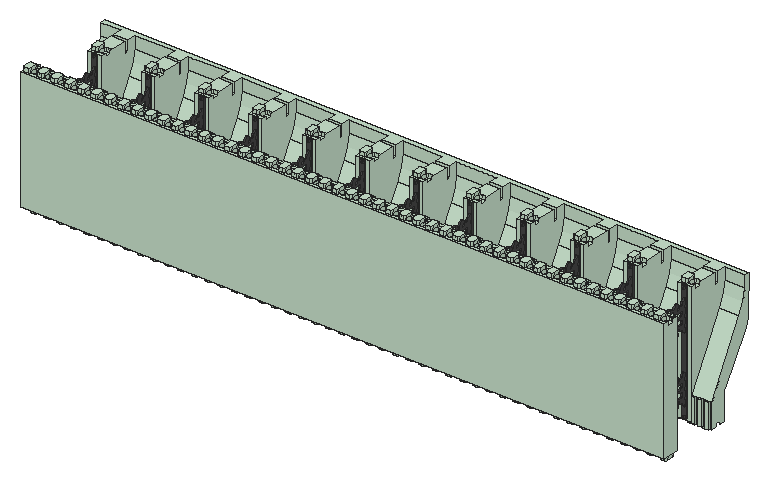
Revit family (continued)
Automatic sketch dimensions
  plane 8 to Extrusion 87 sketch curve = 0' - 0.72692"
  plane 4 to Extrusion 87 sketch curve = 3' - 9"
  Extrusion 87 sketch curve to Extrusion 87 sketch curve = 0' - 0.17308"  (x2)
  Extrusion 87 sketch curve to Extrusion 87 sketch curve = 0' - 0"  (x5)
  Extrusion 87 sketch curve to Extrusion 87 sketch curve = 0' - 0.07692"  (x3)
  Extrusion 87 sketch curve to Extrusion 87 sketch curve = 0' - 0 1/4"  (x3)
  Extrusion 87 sketch curve to Extrusion 87 sketch curve = 0' - 0.17323"
  Extrusion 87 sketch curve to Extrusion 87 sketch curve = 0' - 0.01019"
  Extrusion 87 sketch curve to Extrusion 87 sketch curve = 0' - 0.07677"
  Extrusion 87 sketch curve to Extrusion 87 sketch curve = 0' - 0.17083"
  Extrusion 87 sketch curve to Extrusion 87 sketch curve = 0' - 0.01665"
  Extrusion 87 sketch curve to Extrusion 87 sketch curve = 0' - 0.14808"
  Extrusion 87 sketch curve to Extrusion 87 sketch curve = 0' - 0.33686"
  Extrusion 87 sketch curve to Extrusion 87 sketch curve = 0' - 0.2216"
  plane 8 to Extrusion 88 sketch curve = 0' - 0.72692"
  plane 4 to Extrusion 88 sketch curve = 3' - 7"
  Extrusion 88 sketch curve to Extrusion 88 sketch curve = 0' - 0.17308"  (x2)
  Extrusion 88 sketch curve to Extrusion 88 sketch curve = 0' - 0"  (x5)
  Extrusion 88 sketch curve to Extrusion 88 sketch curve = 0' - 0 1/4"  (x4)
  Extrusion 88 sketch curve to Extrusion 88 sketch curve = 0' - 0.07692"  (x2)
  Extrusion 88 sketch curve to Extrusion 88 sketch curve = 0' - 0.17323"
  Extrusion 88 sketch curve to Extrusion 88 sketch curve = 0' - 0.01019"
  Extrusion 88 sketch curve to Extrusion 88 sketch curve = 0' - 0.07677"
  Extrusion 88 sketch curve to Extrusion 88 sketch curve = 0' - 0.17083"
  Extrusion 88 sketch curve to Extrusion 88 sketch curve = 0' - 0.01665"
  Extrusion 88 sketch curve to Extrusion 88 sketch curve = 0' - 0.14808"
  Extrusion 88 sketch curve to Extrusion 88 sketch curve = 0' - 0.33686"
  Extrusion 88 sketch curve to Extrusion 88 sketch curve = 0' - 0.2216"
  plane 8 to Extrusion 89 sketch curve = 0' - 0.72692"
  plane 4 to Extrusion 89 sketch curve = 3' - 5"
  Extrusion 89 sketch curve to Extrusion 89 sketch curve = 0' - 0.17308"  (x2)
  Extrusion 89 sketch curve to Extrusion 89 sketch curve = 0' - 0"  (x5)
  Extrusion 89 sketch curve to Extrusion 89 sketch curve = 0' - 0 1/4"  (x4)
  Extrusion 89 sketch curve to Extrusion 89 sketch curve = 0' - 0.07692"  (x2)
  Extrusion 89 sketch curve to Extrusion 89 sketch curve = 0' - 0.17323"
  Extrusion 89 sketch curve to Extrusion 89 sketch curve = 0' - 0.01019"
  Extrusion 89 sketch curve to Extrusion 89 sketch curve = 0' - 0.07677"
  Extrusion 89 sketch curve to Extrusion 89 sketch curve = 0' - 0.17083"
  Extrusion 89 sketch curve to Extrusion 89 sketch curve = 0' - 0.01665"
  Extrusion 89 sketch curve to Extrusion 89 sketch curve = 0' - 0.14808"
  Extrusion 89 sketch curve to Extrusion 89 sketch curve = 0' - 0.33686"
  Extrusion 89 sketch curve to Extrusion 89 sketch curve = 0' - 0.2216"
  plane 8 to Extrusion 90 sketch curve = 0' - 0.72692"
  plane 4 to Extrusion 90 sketch curve = 3' - 3"
  Extrusion 90 sketch curve to Extrusion 90 sketch curve = 0' - 0.17308"  (x2)
  Extrusion 90 sketch curve to Extrusion 90 sketch curve = 0' - 0"  (x5)
  Extrusion 90 sketch curve to Extrusion 90 sketch curve = 0' - 0 1/4"  (x4)
  Extrusion 90 sketch curve to Extrusion 90 sketch curve = 0' - 0.07692"  (x2)
  Extrusion 90 sketch curve to Extrusion 90 sketch curve = 0' - 0.17323"
  Extrusion 90 sketch curve to Extrusion 90 sketch curve = 0' - 0.01019"
  Extrusion 90 sketch curve to Extrusion 90 sketch curve = 0' - 0.07677"
  Extrusion 90 sketch curve to Extrusion 90 sketch curve = 0' - 0.17083"
  Extrusion 90 sketch curve to Extrusion 90 sketch curve = 0' - 0.01665"
  Extrusion 90 sketch curve to Extrusion 90 sketch curve = 0' - 0.14808"
  Extrusion 90 sketch curve to Extrusion 90 sketch curve = 0' - 0.33686"
  Extrusion 90 sketch curve to Extrusion 90 sketch curve = 0' - 0.2216"
  plane 8 to Extrusion 91 sketch curve = 0' - 0.72692"
  plane 4 to Extrusion 91 sketch curve = 3' - 1"
  Extrusion 91 sketch curve to Extrusion 91 sketch curve = 0' - 0.17308"  (x2)
  Extrusion 91 sketch curve to Extrusion 91 sketch curve = 0' - 0"  (x5)
  Extrusion 91 sketch curve to Extrusion 91 sketch curve = 0' - 0 1/4"  (x4)
  Extrusion 91 sketch curve to Extrusion 91 sketch curve = 0' - 0.07692"  (x2)
  Extrusion 91 sketch curve to Extrusion 91 sketch curve = 0' - 0.17323"
  Extrusion 91 sketch curve to Extrusion 91 sketch curve = 0' - 0.01019"
  Extrusion 91 sketch curve to Extrusion 91 sketch curve = 0' - 0.07677"
  Extrusion 91 sketch curve to Extrusion 91 sketch curve = 0' - 0.17083"
  Extrusion 91 sketch curve to Extrusion 91 sketch curve = 0' - 0.01665"
  Extrusion 91 sketch curve to Extrusion 91 sketch curve = 0' - 0.14808"
  Extrusion 91 sketch curve to Extrusion 91 sketch curve = 0' - 0.33686"
  Extrusion 91 sketch curve to Extrusion 91 sketch curve = 0' - 0.2216"
  plane 8 to Extrusion 92 sketch curve = 0' - 0.72692"
  plane 4 to Extrusion 92 sketch curve = 2' - 11"
  Extrusion 92 sketch curve to Extrusion 92 sketch curve = 0' - 0.17308"  (x2)
  Extrusion 92 sketch curve to Extrusion 92 sketch curve = 0' - 0"  (x5)
  Extrusion 92 sketch curve to Extrusion 92 sketch curve = 0' - 0 1/4"  (x4)
  Extrusion 92 sketch curve to Extrusion 92 sketch curve = 0' - 0.07692"  (x2)
  Extrusion 92 sketch curve to Extrusion 92 sketch curve = 0' - 0.17323"
  Extrusion 92 sketch curve to Extrusion 92 sketch curve = 0' - 0.01019"
  Extrusion 92 sketch curve to Extrusion 92 sketch curve = 0' - 0.07677"
  Extrusion 92 sketch curve to Extrusion 92 sketch curve = 0' - 0.17083"
  Extrusion 92 sketch curve to Extrusion 92 sketch curve = 0' - 0.01665"
  Extrusion 92 sketch curve to Extrusion 92 sketch curve = 0' - 0.14808"
  Extrusion 92 sketch curve to Extrusion 92 sketch curve = 0' - 0.33686"
  Extrusion 92 sketch curve to Extrusion 92 sketch curve = 0' - 0.2216"
  plane 8 to Extrusion 93 sketch curve = 0' - 0.72692"
  plane 4 to Extrusion 93 sketch curve = 2' - 9"
  Extrusion 93 sketch curve to Extrusion 93 sketch curve = 0' - 0.17308"  (x2)
  Extrusion 93 sketch curve to Extrusion 93 sketch curve = 0' - 0"  (x5)
  Extrusion 93 sketch curve to Extrusion 93 sketch curve = 0' - 0 1/4"  (x4)
  Extrusion 93 sketch curve to Extrusion 93 sketch curve = 0' - 0.07692"  (x2)
  Extrusion 93 sketch curve to Extrusion 93 sketch curve = 0' - 0.17323"
  Extrusion 93 sketch curve to Extrusion 93 sketch curve = 0' - 0.01019"
  Extrusion 93 sketch curve to Extrusion 93 sketch curve = 0' - 0.07677"
  Extrusion 93 sketch curve to Extrusion 93 sketch curve = 0' - 0.17083"
  Extrusion 93 sketch curve to Extrusion 93 sketch curve = 0' - 0.01665"
  Extrusion 93 sketch curve to Extrusion 93 sketch curve = 0' - 0.14808"
  Extrusion 93 sketch curve to Extrusion 93 sketch curve = 0' - 0.33686"
  Extrusion 93 sketch curve to Extrusion 93 sketch curve = 0' - 0.2216"
  plane 8 to Extrusion 94 sketch curve = 0' - 0.72692"
  plane 4 to Extrusion 94 sketch curve = 2' - 7"
  Extrusion 94 sketch curve to Extrusion 94 sketch curve = 0' - 0.17308"  (x2)
  Extrusion 94 sketch curve to Extrusion 94 sketch curve = 0' - 0"  (x5)
  Extrusion 94 sketch curve to Extrusion 94 sketch curve = 0' - 0 1/4"  (x4)
  Extrusion 94 sketch curve to Extrusion 94 sketch curve = 0' - 0.07692"  (x2)
  Extrusion 94 sketch curve to Extrusion 94 sketch curve = 0' - 0.17323"
  Extrusion 94 sketch curve to Extrusion 94 sketch curve = 0' - 0.01019"
  Extrusion 94 sketch curve to Extrusion 94 sketch curve = 0' - 0.07677"
  Extrusion 94 sketch curve to Extrusion 94 sketch curve = 0' - 0.17083"
  Extrusion 94 sketch curve to Extrusion 94 sketch curve = 0' - 0.01665"
  Extrusion 94 sketch curve to Extrusion 94 sketch curve = 0' - 0.14808"
  Extrusion 94 sketch curve to Extrusion 94 sketch curve = 0' - 0.33686"
  Extrusion 94 sketch curve to Extrusion 94 sketch curve = 0' - 0.2216"
  plane 8 to Extrusion 95 sketch curve = 0' - 0.72692"
  plane 4 to Extrusion 95 sketch curve = 2' - 5"
  Extrusion 95 sketch curve to Extrusion 95 sketch curve = 0' - 0.17308"  (x2)
  Extrusion 95 sketch curve to Extrusion 95 sketch curve = 0' - 0"  (x5)
  Extrusion 95 sketch curve to Extrusion 95 sketch curve = 0' - 0 1/4"  (x4)
  Extrusion 95 sketch curve to Extrusion 95 sketch curve = 0' - 0.07692"  (x2)
  Extrusion 95 sketch curve to Extrusion 95 sketch curve = 0' - 0.17323"
  Extrusion 95 sketch curve to Extrusion 95 sketch curve = 0' - 0.01019"
  Extrusion 95 sketch curve to Extrusion 95 sketch curve = 0' - 0.07677"
  Extrusion 95 sketch curve to Extrusion 95 sketch curve = 0' - 0.17083"
  Extrusion 95 sketch curve to Extrusion 95 sketch curve = 0' - 0.01665"
  Extrusion 95 sketch curve to Extrusion 95 sketch curve = 0' - 0.14808"
  Extrusion 95 sketch curve to Extrusion 95 sketch curve = 0' - 0.33686"
  Extrusion 95 sketch curve to Extrusion 95 sketch curve = 0' - 0.2216"
  plane 8 to Extrusion 96 sketch curve = 0' - 0.72692"
  plane 4 to Extrusion 96 sketch curve = 2' - 3"
  Extrusion 96 sketch curve to Extrusion 96 sketch curve = 0' - 0.17308"  (x2)
  Extrusion 96 sketch curve to Extrusion 96 sketch curve = 0' - 0"  (x5)
  Extrusion 96 sketch curve to Extrusion 96 sketch curve = 0' - 0 1/4"  (x4)
  Extrusion 96 sketch curve to Extrusion 96 sketch curve = 0' - 0.07692"  (x2)
  Extrusion 96 sketch curve to Extrusion 96 sketch curve = 0' - 0.17323"
  Extrusion 96 sketch curve to Extrusion 96 sketch curve = 0' - 0.01019"
  Extrusion 96 sketch curve to Extrusion 96 sketch curve = 0' - 0.07677"
  Extrusion 96 sketch curve to Extrusion 96 sketch curve = 0' - 0.17083"
  Extrusion 96 sketch curve to Extrusion 96 sketch curve = 0' - 0.01665"
  Extrusion 96 sketch curve to Extrusion 96 sketch curve = 0' - 0.14808"
  Extrusion 96 sketch curve to Extrusion 96 sketch curve = 0' - 0.33686"
  Extrusion 96 sketch curve to Extrusion 96 sketch curve = 0' - 0.2216"
  plane 8 to Extrusion 97 sketch curve = 0' - 0.72692"
  plane 4 to Extrusion 97 sketch curve = 2' - 1"
  Extrusion 97 sketch curve to Extrusion 97 sketch curve = 0' - 0.17308"  (x2)
  Extrusion 97 sketch curve to Extrusion 97 sketch curve = 0' - 0"  (x5)
  Extrusion 97 sketch curve to Extrusion 97 sketch curve = 0' - 0 1/4"  (x4)
  Extrusion 97 sketch curve to Extrusion 97 sketch curve = 0' - 0.07692"  (x2)
  Extrusion 97 sketch curve to Extrusion 97 sketch curve = 0' - 0.17323"
  Extrusion 97 sketch curve to Extrusion 97 sketch curve = 0' - 0.01019"
  Extrusion 97 sketch curve to Extrusion 97 sketch curve = 0' - 0.07677"
  Extrusion 97 sketch curve to Extrusion 97 sketch curve = 0' - 0.17083"
  Extrusion 97 sketch curve to Extrusion 97 sketch curve = 0' - 0.01665"
  Extrusion 97 sketch curve to Extrusion 97 sketch curve = 0' - 0.14808"
  Extrusion 97 sketch curve to Extrusion 97 sketch curve = 0' - 0.33686"
  Extrusion 97 sketch curve to Extrusion 97 sketch curve = 0' - 0.2216"
  plane 8 to Extrusion 98 sketch curve = 0' - 0.72692"
  plane 4 to Extrusion 98 sketch curve = 1' - 11"
  Extrusion 98 sketch curve to Extrusion 98 sketch curve = 0' - 0.17308"  (x2)
  Extrusion 98 sketch curve to Extrusion 98 sketch curve = 0' - 0"  (x5)
  Extrusion 98 sketch curve to Extrusion 98 sketch curve = 0' - 0 1/4"  (x4)
  Extrusion 98 sketch curve to Extrusion 98 sketch curve = 0' - 0.07692"  (x2)
  Extrusion 98 sketch curve to Extrusion 98 sketch curve = 0' - 0.17323"
  Extrusion 98 sketch curve to Extrusion 98 sketch curve = 0' - 0.01019"
  Extrusion 98 sketch curve to Extrusion 98 sketch curve = 0' - 0.07677"
  Extrusion 98 sketch curve to Extrusion 98 sketch curve = 0' - 0.17083"
  Extrusion 98 sketch curve to Extrusion 98 sketch curve = 0' - 0.01665"
  Extrusion 98 sketch curve to Extrusion 98 sketch curve = 0' - 0.14808"
  Extrusion 98 sketch curve to Extrusion 98 sketch curve = 0' - 0.33686"
  Extrusion 98 sketch curve to Extrusion 98 sketch curve = 0' - 0.2216"
  plane 8 to Extrusion 99 sketch curve = 0' - 0.72692"
  plane 4 to Extrusion 99 sketch curve = 1' - 9"
  Extrusion 99 sketch curve to Extrusion 99 sketch curve = 0' - 0.17308"  (x2)
  Extrusion 99 sketch curve to Extrusion 99 sketch curve = 0' - 0"  (x5)
  Extrusion 99 sketch curve to Extrusion 99 sketch curve = 0' - 0 1/4"  (x4)
  Extrusion 99 sketch curve to Extrusion 99 sketch curve = 0' - 0.07692"  (x2)
  Extrusion 99 sketch curve to Extrusion 99 sketch curve = 0' - 0.17323"
  Extrusion 99 sketch curve to Extrusion 99 sketch curve = 0' - 0.01019"
  Extrusion 99 sketch curve to Extrusion 99 sketch curve = 0' - 0.07677"
  Extrusion 99 sketch curve to Extrusion 99 sketch curve = 0' - 0.17083"
  Extrusion 99 sketch curve to Extrusion 99 sketch curve = 0' - 0.01665"
  Extrusion 99 sketch curve to Extrusion 99 sketch curve = 0' - 0.14808"
  Extrusion 99 sketch curve to Extrusion 99 sketch curve = 0' - 0.33686"
  Extrusion 99 sketch curve to Extrusion 99 sketch curve = 0' - 0.2216"
  plane 8 to Extrusion 100 sketch curve = 0' - 0.72692"
  plane 4 to Extrusion 100 sketch curve = 1' - 7"
  Extrusion 100 sketch curve to Extrusion 100 sketch curve = 0' - 0.17308"  (x2)
  Extrusion 100 sketch curve to Extrusion 100 sketch curve = 0' - 0"  (x5)
  Extrusion 100 sketch curve to Extrusion 100 sketch curve = 0' - 0 1/4"  (x4)
  Extrusion 100 sketch curve to Extrusion 100 sketch curve = 0' - 0.07692"  (x2)
  Extrusion 100 sketch curve to Extrusion 100 sketch curve = 0' - 0.17323"
  Extrusion 100 sketch curve to Extrusion 100 sketch curve = 0' - 0.01019"
  Extrusion 100 sketch curve to Extrusion 100 sketch curve = 0' - 0.07677"
  Extrusion 100 sketch curve to Extrusion 100 sketch curve = 0' - 0.17083"
  Extrusion 100 sketch curve to Extrusion 100 sketch curve = 0' - 0.01665"
  Extrusion 100 sketch curve to Extrusion 100 sketch curve = 0' - 0.14808"
  Extrusion 100 sketch curve to Extrusion 100 sketch curve = 0' - 0.33686"
  Extrusion 100 sketch curve to Extrusion 100 sketch curve = 0' - 0.2216"
  plane 8 to Extrusion 101 sketch curve = 0' - 0.72692"
  plane 4 to Extrusion 101 sketch curve = 1' - 5"
  Extrusion 101 sketch curve to Extrusion 101 sketch curve = 0' - 0.17308"  (x2)
  Extrusion 101 sketch curve to Extrusion 101 sketch curve = 0' - 0"  (x5)
  Extrusion 101 sketch curve to Extrusion 101 sketch curve = 0' - 0 1/4"  (x4)
  Extrusion 101 sketch curve to Extrusion 101 sketch curve = 0' - 0.07692"  (x2)
  Extrusion 101 sketch curve to Extrusion 101 sketch curve = 0' - 0.17323"
  Extrusion 101 sketch curve to Extrusion 101 sketch curve = 0' - 0.01019"
  Extrusion 101 sketch curve to Extrusion 101 sketch curve = 0' - 0.07677"
  Extrusion 101 sketch curve to Extrusion 101 sketch curve = 0' - 0.17083"
  Extrusion 101 sketch curve to Extrusion 101 sketch curve = 0' - 0.01665"
  Extrusion 101 sketch curve to Extrusion 101 sketch curve = 0' - 0.14808"
  Extrusion 101 sketch curve to Extrusion 101 sketch curve = 0' - 0.33686"
  Extrusion 101 sketch curve to Extrusion 101 sketch curve = 0' - 0.2216"
  plane 8 to Extrusion 102 sketch curve = 0' - 0.72692"
  plane 4 to Extrusion 102 sketch curve = 1' - 3"
  Extrusion 102 sketch curve to Extrusion 102 sketch curve = 0' - 0.17308"  (x2)
  Extrusion 102 sketch curve to Extrusion 102 sketch curve = 0' - 0"  (x5)
  Extrusion 102 sketch curve to Extrusion 102 sketch curve = 0' - 0.07692"  (x3)
  Extrusion 102 sketch curve to Extrusion 102 sketch curve = 0' - 0 1/4"  (x3)
  Extrusion 102 sketch curve to Extrusion 102 sketch curve = 0' - 0.17323"
  Extrusion 102 sketch curve to Extrusion 102 sketch curve = 0' - 0.01019"
  Extrusion 102 sketch curve to Extrusion 102 sketch curve = 0' - 0.07677"
  Extrusion 102 sketch curve to Extrusion 102 sketch curve = 0' - 0.17083"
  Extrusion 102 sketch curve to Extrusion 102 sketch curve = 0' - 0.01665"
  Extrusion 102 sketch curve to Extrusion 102 sketch curve = 0' - 0.14808"
  Extrusion 102 sketch curve to Extrusion 102 sketch curve = 0' - 0.33686"
  Extrusion 102 sketch curve to Extrusion 102 sketch curve = 0' - 0.2216"
  plane 8 to Extrusion 103 sketch curve = 0' - 0.72692"
  plane 4 to Extrusion 103 sketch curve = 1' - 1"
  Extrusion 103 sketch curve to Extrusion 103 sketch curve = 0' - 0.17308"  (x2)
  Extrusion 103 sketch curve to Extrusion 103 sketch curve = 0' - 0"  (x5)
  Extrusion 103 sketch curve to Extrusion 103 sketch curve = 0' - 0 1/4"  (x4)
  Extrusion 103 sketch curve to Extrusion 103 sketch curve = 0' - 0.07692"  (x2)
  Extrusion 103 sketch curve to Extrusion 103 sketch curve = 0' - 0.17323"
  Extrusion 103 sketch curve to Extrusion 103 sketch curve = 0' - 0.01019"
  Extrusion 103 sketch curve to Extrusion 103 sketch curve = 0' - 0.07677"
  Extrusion 103 sketch curve to Extrusion 103 sketch curve = 0' - 0.17083"
  Extrusion 103 sketch curve to Extrusion 103 sketch curve = 0' - 0.01665"
  Extrusion 103 sketch curve to Extrusion 103 sketch curve = 0' - 0.14808"
  Extrusion 103 sketch curve to Extrusion 103 sketch curve = 0' - 0.33686"
  Extrusion 103 sketch curve to Extrusion 103 sketch curve = 0' - 0.2216"
  plane 8 to Extrusion 104 sketch curve = 0' - 0.72692"
  plane 4 to Extrusion 104 sketch curve = 0' - 11"
  Extrusion 104 sketch curve to Extrusion 104 sketch curve = 0' - 0.17308"  (x2)
  Extrusion 104 sketch curve to Extrusion 104 sketch curve = 0' - 0"  (x5)
  Extrusion 104 sketch curve to Extrusion 104 sketch curve = 0' - 0 1/4"  (x4)
  Extrusion 104 sketch curve to Extrusion 104 sketch curve = 0' - 0.07692"  (x2)
  Extrusion 104 sketch curve to Extrusion 104 sketch curve = 0' - 0.17323"
  Extrusion 104 sketch curve to Extrusion 104 sketch curve = 0' - 0.01019"
  Extrusion 104 sketch curve to Extrusion 104 sketch curve = 0' - 0.07677"
  Extrusion 104 sketch curve to Extrusion 104 sketch curve = 0' - 0.17083"
  Extrusion 104 sketch curve to Extrusion 104 sketch curve = 0' - 0.01665"
  Extrusion 104 sketch curve to Extrusion 104 sketch curve = 0' - 0.14808"
  Extrusion 104 sketch curve to Extrusion 104 sketch curve = 0' - 0.33686"
  Extrusion 104 sketch curve to Extrusion 104 sketch curve = 0' - 0.2216"
  plane 8 to Extrusion 105 sketch curve = 0' - 0.72692"
  plane 4 to Extrusion 105 sketch curve = 0' - 9"
  Extrusion 105 sketch curve to Extrusion 105 sketch curve = 0' - 0.17308"  (x2)
  Extrusion 105 sketch curve to Extrusion 105 sketch curve = 0' - 0"  (x5)
  Extrusion 105 sketch curve to Extrusion 105 sketch curve = 0' - 0 1/4"  (x4)
  Extrusion 105 sketch curve to Extrusion 105 sketch curve = 0' - 0.07692"  (x2)
  Extrusion 105 sketch curve to Extrusion 105 sketch curve = 0' - 0.17323"
  Extrusion 105 sketch curve to Extrusion 105 sketch curve = 0' - 0.01019"
  Extrusion 105 sketch curve to Extrusion 105 sketch curve = 0' - 0.07677"
  Extrusion 105 sketch curve to Extrusion 105 sketch curve = 0' - 0.17083"
  Extrusion 105 sketch curve to Extrusion 105 sketch curve = 0' - 0.01665"
  Extrusion 105 sketch curve to Extrusion 105 sketch curve = 0' - 0.14808"
  Extrusion 105 sketch curve to Extrusion 105 sketch curve = 0' - 0.33686"
  Extrusion 105 sketch curve to Extrusion 105 sketch curve = 0' - 0.2216"
  plane 8 to Extrusion 106 sketch curve = 0' - 0.72692"
  plane 4 to Extrusion 106 sketch curve = 0' - 7"
  Extrusion 106 sketch curve to Extrusion 106 sketch curve = 0' - 0.17308"  (x2)
  Extrusion 106 sketch curve to Extrusion 106 sketch curve = 0' - 0"  (x5)
  Extrusion 106 sketch curve to Extrusion 106 sketch curve = 0' - 0 1/4"  (x4)
  Extrusion 106 sketch curve to Extrusion 106 sketch curve = 0' - 0.07692"  (x2)
  Extrusion 106 sketch curve to Extrusion 106 sketch curve = 0' - 0.17323"
  Extrusion 106 sketch curve to Extrusion 106 sketch curve = 0' - 0.01019"
  Extrusion 106 sketch curve to Extrusion 106 sketch curve = 0' - 0.07677"
  Extrusion 106 sketch curve to Extrusion 106 sketch curve = 0' - 0.17083"
  Extrusion 106 sketch curve to Extrusion 106 sketch curve = 0' - 0.01665"
  Extrusion 106 sketch curve to Extrusion 106 sketch curve = 0' - 0.14808"
  Extrusion 106 sketch curve to Extrusion 106 sketch curve = 0' - 0.33686"
  Extrusion 106 sketch curve to Extrusion 106 sketch curve = 0' - 0.2216"
  plane 8 to Extrusion 107 sketch curve = 0' - 0.72692"
  plane 4 to Extrusion 107 sketch curve = 0' - 5"
  Extrusion 107 sketch curve to Extrusion 107 sketch curve = 0' - 0.17308"  (x2)
  Extrusion 107 sketch curve to Extrusion 107 sketch curve = 0' - 0"  (x5)
  Extrusion 107 sketch curve to Extrusion 107 sketch curve = 0' - 0 1/4"  (x4)
  Extrusion 107 sketch curve to Extrusion 107 sketch curve = 0' - 0.07692"  (x2)
  Extrusion 107 sketch curve to Extrusion 107 sketch curve = 0' - 0.17323"
  Extrusion 107 sketch curve to Extrusion 107 sketch curve = 0' - 0.01019"
  Extrusion 107 sketch curve to Extrusion 107 sketch curve = 0' - 0.07677"
  Extrusion 107 sketch curve to Extrusion 107 sketch curve = 0' - 0.17083"
  Extrusion 107 sketch curve to Extrusion 107 sketch curve = 0' - 0.01665"
  Extrusion 107 sketch curve to Extrusion 107 sketch curve = 0' - 0.14808"
  Extrusion 107 sketch curve to Extrusion 107 sketch curve = 0' - 0.33686"
  Extrusion 107 sketch curve to Extrusion 107 sketch curve = 0' - 0.2216"
  plane 8 to Extrusion 108 sketch curve = 0' - 0.72692"
  plane 4 to Extrusion 108 sketch curve = 0' - 3"
  Extrusion 108 sketch curve to Extrusion 108 sketch curve = 0' - 0.17308"  (x2)
  Extrusion 108 sketch curve to Extrusion 108 sketch curve = 0' - 0"  (x5)
  Extrusion 108 sketch curve to Extrusion 108 sketch curve = 0' - 0 1/4"  (x4)
  Extrusion 108 sketch curve to Extrusion 108 sketch curve = 0' - 0.07692"  (x2)
  Extrusion 108 sketch curve to Extrusion 108 sketch curve = 0' - 0.17323"
  Extrusion 108 sketch curve to Extrusion 108 sketch curve = 0' - 0.01019"
  Extrusion 108 sketch curve to Extrusion 108 sketch curve = 0' - 0.07677"
  Extrusion 108 sketch curve to Extrusion 108 sketch curve = 0' - 0.17083"
  Extrusion 108 sketch curve to Extrusion 108 sketch curve = 0' - 0.01665"
  Extrusion 108 sketch curve to Extrusion 108 sketch curve = 0' - 0.14808"
  Extrusion 108 sketch curve to Extrusion 108 sketch curve = 0' - 0.33686"
  Extrusion 108 sketch curve to Extrusion 108 sketch curve = 0' - 0.2216"
  plane 4 to Extrusion 109 sketch curve = 0' - 1"
  Extrusion 109 sketch curve to Extrusion 109 sketch curve = 0' - 0.17308"  (x2)
  Extrusion 109 sketch curve to Extrusion 109 sketch curve = 0' - 0"  (x5)
  Extrusion 109 sketch curve to Extrusion 109 sketch curve = 0' - 0 1/4"  (x4)
  Extrusion 109 sketch curve to Extrusion 109 sketch curve = 0' - 0.07692"  (x2)
  Extrusion 109 sketch curve to Extrusion 109 sketch curve = 0' - 0.17323"
  Extrusion 109 sketch curve to Extrusion 109 sketch curve = 0' - 0.01019"
  Extrusion 109 sketch curve to Extrusion 109 sketch curve = 0' - 0.07677"
  Extrusion 109 sketch curve to Extrusion 109 sketch curve = 0' - 0.17083"
  Extrusion 109 sketch curve to Extrusion 109 sketch curve = 0' - 0.01665"
  plane 8 to Extrusion 109 sketch curve = 0' - 0.48905"
  Extrusion 109 sketch curve to Extrusion 109 sketch curve = 0' - 0.14808"
  Extrusion 109 sketch curve to Extrusion 109 sketch curve = 0' - 0.33686"
  Extrusion 109 sketch curve to Extrusion 109 sketch curve = 0' - 0.2216"
  Extrusion 110 sketch curve to plane 4 = 0' - 0"
  plane 4 to Extrusion 110 sketch curve = 0' - 0.02075"
  Extrusion 110 sketch curve to Extrusion 110 sketch curve = 0' - 0.04585"
  Extrusion 110 sketch curve to Extrusion 110 sketch curve = 0' - 0"  (x4)
  Extrusion 110 sketch curve to Extrusion 110 sketch curve = 0' - 0.01665"
  plane 4 to Extrusion 110 sketch curve = 0' - 0.17308"
  Extrusion 110 sketch curve to Extrusion 110 sketch curve = 0' - 0 1/4"  (x5)
  Extrusion 110 sketch curve to Extrusion 110 sketch curve = 0' - 0.17083"
  Extrusion 110 sketch curve to Extrusion 110 sketch curve = 0' - 0 1/16"
  Extrusion 110 sketch curve to Extrusion 110 sketch curve = 0' - 0.01019"
  Extrusion 110 sketch curve to Extrusion 110 sketch curve = 0' - 0.07692"  (x2)
  Extrusion 110 sketch curve to plane 7 = 0' - 0.48905"
  Extrusion 110 sketch curve to Extrusion 110 sketch curve = 0' - 0.14808"
  Extrusion 110 sketch curve to Extrusion 110 sketch curve = 0' - 0.33686"
  Extrusion 110 sketch curve to Extrusion 110 sketch curve = 0' - 0.2216"
  Extrusion 111 sketch curve to plane 7 = 0' - 0.72692"
  plane 4 to Extrusion 111 sketch curve = 0' - 3"
  Extrusion 111 sketch curve to Extrusion 111 sketch curve = 0' - 0.17308"  (x2)
  Extrusion 111 sketch curve to Extrusion 111 sketch curve = 0' - 0"  (x5)
  Extrusion 111 sketch curve to Extrusion 111 sketch curve = 0' - 0 1/4"  (x4)
  Extrusion 111 sketch curve to Extrusion 111 sketch curve = 0' - 0.07692"  (x2)
  Extrusion 111 sketch curve to Extrusion 111 sketch curve = 0' - 0.17323"
  Extrusion 111 sketch curve to Extrusion 111 sketch curve = 0' - 0.01019"
  Extrusion 111 sketch curve to Extrusion 111 sketch curve = 0' - 0.07677"
  Extrusion 111 sketch curve to Extrusion 111 sketch curve = 0' - 0.17083"
  Extrusion 111 sketch curve to Extrusion 111 sketch curve = 0' - 0.01665"
  Extrusion 111 sketch curve to Extrusion 111 sketch curve = 0' - 0.14808"
  Extrusion 111 sketch curve to Extrusion 111 sketch curve = 0' - 0.33686"
  Extrusion 111 sketch curve to Extrusion 111 sketch curve = 0' - 0.2216"
  Extrusion 112 sketch curve to plane 7 = 0' - 0.72692"
  plane 4 to Extrusion 112 sketch curve = 0' - 5"
  Extrusion 112 sketch curve to Extrusion 112 sketch curve = 0' - 0.17308"  (x2)
  Extrusion 112 sketch curve to Extrusion 112 sketch curve = 0' - 0"  (x5)
  Extrusion 112 sketch curve to Extrusion 112 sketch curve = 0' - 0 1/4"  (x5)
  Extrusion 112 sketch curve to Extrusion 112 sketch curve = 0' - 0.17323"
  Extrusion 112 sketch curve to Extrusion 112 sketch curve = 0' - 0.01019"
  Extrusion 112 sketch curve to Extrusion 112 sketch curve = 0' - 0.07677"
  Extrusion 112 sketch curve to Extrusion 112 sketch curve = 0' - 0.07692"
  Extrusion 112 sketch curve to Extrusion 112 sketch curve = 0' - 0.17083"
  Extrusion 112 sketch curve to Extrusion 112 sketch curve = 0' - 0.01665"
  Extrusion 112 sketch curve to Extrusion 112 sketch curve = 0' - 0.14808"
  Extrusion 112 sketch curve to Extrusion 112 sketch curve = 0' - 0.33686"
  Extrusion 112 sketch curve to Extrusion 112 sketch curve = 0' - 0.2216"
  Extrusion 113 sketch curve to plane 7 = 0' - 0.72692"
  plane 4 to Extrusion 113 sketch curve = 0' - 7"
  Extrusion 113 sketch curve to Extrusion 113 sketch curve = 0' - 0.17308"  (x2)
  Extrusion 113 sketch curve to Extrusion 113 sketch curve = 0' - 0"  (x5)
  Extrusion 113 sketch curve to Extrusion 113 sketch curve = 0' - 0 1/4"  (x5)
  Extrusion 113 sketch curve to Extrusion 113 sketch curve = 0' - 0.17323"
  Extrusion 113 sketch curve to Extrusion 113 sketch curve = 0' - 0.01019"
  Extrusion 113 sketch curve to Extrusion 113 sketch curve = 0' - 0.07677"
  Extrusion 113 sketch curve to Extrusion 113 sketch curve = 0' - 0.07692"
  Extrusion 113 sketch curve to Extrusion 113 sketch curve = 0' - 0.17083"
  Extrusion 113 sketch curve to Extrusion 113 sketch curve = 0' - 0.01665"
  Extrusion 113 sketch curve to Extrusion 113 sketch curve = 0' - 0.14808"
  Extrusion 113 sketch curve to Extrusion 113 sketch curve = 0' - 0.33686"
  Extrusion 113 sketch curve to Extrusion 113 sketch curve = 0' - 0.2216"
  Extrusion 114 sketch curve to plane 7 = 0' - 0.72692"
  plane 4 to Extrusion 114 sketch curve = 0' - 9"
  Extrusion 114 sketch curve to Extrusion 114 sketch curve = 0' - 0.17308"  (x2)
  Extrusion 114 sketch curve to Extrusion 114 sketch curve = 0' - 0"  (x5)
  Extrusion 114 sketch curve to Extrusion 114 sketch curve = 0' - 0 1/4"  (x5)
  Extrusion 114 sketch curve to Extrusion 114 sketch curve = 0' - 0.17323"
  Extrusion 114 sketch curve to Extrusion 114 sketch curve = 0' - 0.01019"
  Extrusion 114 sketch curve to Extrusion 114 sketch curve = 0' - 0.07677"
  Extrusion 114 sketch curve to Extrusion 114 sketch curve = 0' - 0.07692"
  Extrusion 114 sketch curve to Extrusion 114 sketch curve = 0' - 0.17083"
  Extrusion 114 sketch curve to Extrusion 114 sketch curve = 0' - 0.01665"
  Extrusion 114 sketch curve to Extrusion 114 sketch curve = 0' - 0.14808"
  Extrusion 114 sketch curve to Extrusion 114 sketch curve = 0' - 0.33686"
  Extrusion 114 sketch curve to Extrusion 114 sketch curve = 0' - 0.2216"
  Extrusion 115 sketch curve to plane 7 = 0' - 0.72692"
  plane 4 to Extrusion 115 sketch curve = 0' - 11"
  Extrusion 115 sketch curve to Extrusion 115 sketch curve = 0' - 0.17308"  (x2)
  Extrusion 115 sketch curve to Extrusion 115 sketch curve = 0' - 0"  (x5)
  Extrusion 115 sketch curve to Extrusion 115 sketch curve = 0' - 0 1/4"  (x4)
  Extrusion 115 sketch curve to Extrusion 115 sketch curve = 0' - 0.07692"  (x2)
  Extrusion 115 sketch curve to Extrusion 115 sketch curve = 0' - 0.17323"
  Extrusion 115 sketch curve to Extrusion 115 sketch curve = 0' - 0.01019"
  Extrusion 115 sketch curve to Extrusion 115 sketch curve = 0' - 0.07677"
  Extrusion 115 sketch curve to Extrusion 115 sketch curve = 0' - 0.17083"
  Extrusion 115 sketch curve to Extrusion 115 sketch curve = 0' - 0.01665"
  Extrusion 115 sketch curve to Extrusion 115 sketch curve = 0' - 0.14808"
  Extrusion 115 sketch curve to Extrusion 115 sketch curve = 0' - 0.33686"
  Extrusion 115 sketch curve to Extrusion 115 sketch curve = 0' - 0.2216"
  Extrusion 116 sketch curve to plane 7 = 0' - 0.72692"
  plane 4 to Extrusion 116 sketch curve = 1' - 1"
  Extrusion 116 sketch curve to Extrusion 116 sketch curve = 0' - 0.17308"  (x2)
  Extrusion 116 sketch curve to Extrusion 116 sketch curve = 0' - 0"  (x5)
  Extrusion 116 sketch curve to Extrusion 116 sketch curve = 0' - 0 1/4"  (x5)
  Extrusion 116 sketch curve to Extrusion 116 sketch curve = 0' - 0.17323"
  Extrusion 116 sketch curve to Extrusion 116 sketch curve = 0' - 0.01019"
  Extrusion 116 sketch curve to Extrusion 116 sketch curve = 0' - 0.07677"
  Extrusion 116 sketch curve to Extrusion 116 sketch curve = 0' - 0.07692"
  Extrusion 116 sketch curve to Extrusion 116 sketch curve = 0' - 0.17083"
  Extrusion 116 sketch curve to Extrusion 116 sketch curve = 0' - 0.01665"
  Extrusion 116 sketch curve to Extrusion 116 sketch curve = 0' - 0.14808"
  Extrusion 116 sketch curve to Extrusion 116 sketch curve = 0' - 0.33686"
  Extrusion 116 sketch curve to Extrusion 116 sketch curve = 0' - 0.2216"
  Extrusion 117 sketch curve to plane 7 = 0' - 0.72692"
  plane 4 to Extrusion 117 sketch curve = 1' - 3"
  Extrusion 117 sketch curve to Extrusion 117 sketch curve = 0' - 0.17308"  (x2)
  Extrusion 117 sketch curve to Extrusion 117 sketch curve = 0' - 0"  (x5)
  Extrusion 117 sketch curve to Extrusion 117 sketch curve = 0' - 0 1/4"  (x4)
  Extrusion 117 sketch curve to Extrusion 117 sketch curve = 0' - 0.07692"  (x2)
  Extrusion 117 sketch curve to Extrusion 117 sketch curve = 0' - 0.17323"
  Extrusion 117 sketch curve to Extrusion 117 sketch curve = 0' - 0.01019"
  Extrusion 117 sketch curve to Extrusion 117 sketch curve = 0' - 0.07677"
  Extrusion 117 sketch curve to Extrusion 117 sketch curve = 0' - 0.17083"
  Extrusion 117 sketch curve to Extrusion 117 sketch curve = 0' - 0.01665"
  Extrusion 117 sketch curve to Extrusion 117 sketch curve = 0' - 0.14808"
  Extrusion 117 sketch curve to Extrusion 117 sketch curve = 0' - 0.33686"
  Extrusion 117 sketch curve to Extrusion 117 sketch curve = 0' - 0.2216"
  Extrusion 118 sketch curve to plane 7 = 0' - 0.72692"
  plane 4 to Extrusion 118 sketch curve = 1' - 5"
  Extrusion 118 sketch curve to Extrusion 118 sketch curve = 0' - 0.17308"  (x2)
  Extrusion 118 sketch curve to Extrusion 118 sketch curve = 0' - 0"  (x5)
  Extrusion 118 sketch curve to Extrusion 118 sketch curve = 0' - 0 1/4"  (x5)
  Extrusion 118 sketch curve to Extrusion 118 sketch curve = 0' - 0.17323"
  Extrusion 118 sketch curve to Extrusion 118 sketch curve = 0' - 0.01019"
  Extrusion 118 sketch curve to Extrusion 118 sketch curve = 0' - 0.07677"
  Extrusion 118 sketch curve to Extrusion 118 sketch curve = 0' - 0.07692"
  Extrusion 118 sketch curve to Extrusion 118 sketch curve = 0' - 0.17083"
  Extrusion 118 sketch curve to Extrusion 118 sketch curve = 0' - 0.01665"
  Extrusion 118 sketch curve to Extrusion 118 sketch curve = 0' - 0.14808"
  Extrusion 118 sketch curve to Extrusion 118 sketch curve = 0' - 0.33686"
  Extrusion 118 sketch curve to Extrusion 118 sketch curve = 0' - 0.2216"
  Extrusion 119 sketch curve to plane 7 = 0' - 0.72692"
  plane 4 to Extrusion 119 sketch curve = 1' - 7"
  Extrusion 119 sketch curve to Extrusion 119 sketch curve = 0' - 0.17308"  (x2)
  Extrusion 119 sketch curve to Extrusion 119 sketch curve = 0' - 0"  (x5)
  Extrusion 119 sketch curve to Extrusion 119 sketch curve = 0' - 0 1/4"  (x5)
  Extrusion 119 sketch curve to Extrusion 119 sketch curve = 0' - 0.17323"
  Extrusion 119 sketch curve to Extrusion 119 sketch curve = 0' - 0.01019"
  Extrusion 119 sketch curve to Extrusion 119 sketch curve = 0' - 0.07677"
  Extrusion 119 sketch curve to Extrusion 119 sketch curve = 0' - 0.07692"
  Extrusion 119 sketch curve to Extrusion 119 sketch curve = 0' - 0.17083"
  Extrusion 119 sketch curve to Extrusion 119 sketch curve = 0' - 0.01665"
  Extrusion 119 sketch curve to Extrusion 119 sketch curve = 0' - 0.14808"
  Extrusion 119 sketch curve to Extrusion 119 sketch curve = 0' - 0.33686"
  Extrusion 119 sketch curve to Extrusion 119 sketch curve = 0' - 0.2216"
  Extrusion 120 sketch curve to plane 7 = 0' - 0.72692"
  plane 4 to Extrusion 120 sketch curve = 1' - 9"
  Extrusion 120 sketch curve to Extrusion 120 sketch curve = 0' - 0.17308"  (x2)
  Extrusion 120 sketch curve to Extrusion 120 sketch curve = 0' - 0"  (x5)
  Extrusion 120 sketch curve to Extrusion 120 sketch curve = 0' - 0 1/4"  (x5)
  Extrusion 120 sketch curve to Extrusion 120 sketch curve = 0' - 0.17323"
  Extrusion 120 sketch curve to Extrusion 120 sketch curve = 0' - 0.01019"
  Extrusion 120 sketch curve to Extrusion 120 sketch curve = 0' - 0.07677"
  Extrusion 120 sketch curve to Extrusion 120 sketch curve = 0' - 0.07692"
  Extrusion 120 sketch curve to Extrusion 120 sketch curve = 0' - 0.17083"
  Extrusion 120 sketch curve to Extrusion 120 sketch curve = 0' - 0.01665"
  Extrusion 120 sketch curve to Extrusion 120 sketch curve = 0' - 0.14808"
  Extrusion 120 sketch curve to Extrusion 120 sketch curve = 0' - 0.33686"
  Extrusion 120 sketch curve to Extrusion 120 sketch curve = 0' - 0.2216"
  Extrusion 121 sketch curve to plane 7 = 0' - 0.72692"
  plane 4 to Extrusion 121 sketch curve = 1' - 11"
  Extrusion 121 sketch curve to Extrusion 121 sketch curve = 0' - 0.17308"  (x2)
  Extrusion 121 sketch curve to Extrusion 121 sketch curve = 0' - 0"  (x5)
  Extrusion 121 sketch curve to Extrusion 121 sketch curve = 0' - 0 1/4"  (x5)
  Extrusion 121 sketch curve to Extrusion 121 sketch curve = 0' - 0.17323"
  Extrusion 121 sketch curve to Extrusion 121 sketch curve = 0' - 0.01019"
  Extrusion 121 sketch curve to Extrusion 121 sketch curve = 0' - 0.07677"
  Extrusion 121 sketch curve to Extrusion 121 sketch curve = 0' - 0.07692"
  Extrusion 121 sketch curve to Extrusion 121 sketch curve = 0' - 0.17083"
  Extrusion 121 sketch curve to Extrusion 121 sketch curve = 0' - 0.01665"
  Extrusion 121 sketch curve to Extrusion 121 sketch curve = 0' - 0.14808"
  Extrusion 121 sketch curve to Extrusion 121 sketch curve = 0' - 0.33686"
  Extrusion 121 sketch curve to Extrusion 121 sketch curve = 0' - 0.2216"
  Extrusion 122 sketch curve to plane 7 = 0' - 0.72692"
  plane 4 to Extrusion 122 sketch curve = 2' - 1"
  Extrusion 122 sketch curve to Extrusion 122 sketch curve = 0' - 0.17308"  (x2)
  Extrusion 122 sketch curve to Extrusion 122 sketch curve = 0' - 0"  (x5)
  Extrusion 122 sketch curve to Extrusion 122 sketch curve = 0' - 0.07692"  (x2)
  Extrusion 122 sketch curve to Extrusion 122 sketch curve = 0' - 0 1/4"  (x4)
  Extrusion 122 sketch curve to Extrusion 122 sketch curve = 0' - 0.17323"
  Extrusion 122 sketch curve to Extrusion 122 sketch curve = 0' - 0.01019"
  Extrusion 122 sketch curve to Extrusion 122 sketch curve = 0' - 0.07677"
  Extrusion 122 sketch curve to Extrusion 122 sketch curve = 0' - 0.17083"
  Extrusion 122 sketch curve to Extrusion 122 sketch curve = 0' - 0.01665"
  Extrusion 122 sketch curve to Extrusion 122 sketch curve = 0' - 0.14808"
  Extrusion 122 sketch curve to Extrusion 122 sketch curve = 0' - 0.33686"
  Extrusion 122 sketch curve to Extrusion 122 sketch curve = 0' - 0.2216"
  Extrusion 123 sketch curve to plane 7 = 0' - 0.72692"
  plane 4 to Extrusion 123 sketch curve = 2' - 3"
  Extrusion 123 sketch curve to Extrusion 123 sketch curve = 0' - 0.17308"  (x2)
  Extrusion 123 sketch curve to Extrusion 123 sketch curve = 0' - 0"  (x5)
  Extrusion 123 sketch curve to Extrusion 123 sketch curve = 0' - 0 1/4"  (x4)
  Extrusion 123 sketch curve to Extrusion 123 sketch curve = 0' - 0.07692"  (x2)
  Extrusion 123 sketch curve to Extrusion 123 sketch curve = 0' - 0.17323"
  Extrusion 123 sketch curve to Extrusion 123 sketch curve = 0' - 0.01019"
  Extrusion 123 sketch curve to Extrusion 123 sketch curve = 0' - 0.07677"
  Extrusion 123 sketch curve to Extrusion 123 sketch curve = 0' - 0.17083"
  Extrusion 123 sketch curve to Extrusion 123 sketch curve = 0' - 0.01665"
  Extrusion 123 sketch curve to Extrusion 123 sketch curve = 0' - 0.14808"
  Extrusion 123 sketch curve to Extrusion 123 sketch curve = 0' - 0.33686"
  Extrusion 123 sketch curve to Extrusion 123 sketch curve = 0' - 0.2216"
  Extrusion 124 sketch curve to plane 7 = 0' - 0.72692"
  plane 4 to Extrusion 124 sketch curve = 2' - 5"
  Extrusion 124 sketch curve to Extrusion 124 sketch curve = 0' - 0.17308"  (x2)
  Extrusion 124 sketch curve to Extrusion 124 sketch curve = 0' - 0"  (x5)
  Extrusion 124 sketch curve to Extrusion 124 sketch curve = 0' - 0 1/4"  (x4)
  Extrusion 124 sketch curve to Extrusion 124 sketch curve = 0' - 0.07692"  (x2)
  Extrusion 124 sketch curve to Extrusion 124 sketch curve = 0' - 0.17323"
  Extrusion 124 sketch curve to Extrusion 124 sketch curve = 0' - 0.01019"
  Extrusion 124 sketch curve to Extrusion 124 sketch curve = 0' - 0.07677"
  Extrusion 124 sketch curve to Extrusion 124 sketch curve = 0' - 0.17083"
  Extrusion 124 sketch curve to Extrusion 124 sketch curve = 0' - 0.01665"
  Extrusion 124 sketch curve to Extrusion 124 sketch curve = 0' - 0.14808"
  Extrusion 124 sketch curve to Extrusion 124 sketch curve = 0' - 0.33686"
  Extrusion 124 sketch curve to Extrusion 124 sketch curve = 0' - 0.2216"
  Extrusion 125 sketch curve to plane 7 = 0' - 0.72692"
  plane 4 to Extrusion 125 sketch curve = 2' - 7"
  Extrusion 125 sketch curve to Extrusion 125 sketch curve = 0' - 0.17308"  (x2)
  Extrusion 125 sketch curve to Extrusion 125 sketch curve = 0' - 0"  (x5)
  Extrusion 125 sketch curve to Extrusion 125 sketch curve = 0' - 0 1/4"  (x5)
  Extrusion 125 sketch curve to Extrusion 125 sketch curve = 0' - 0.17323"
  Extrusion 125 sketch curve to Extrusion 125 sketch curve = 0' - 0.01019"
  Extrusion 125 sketch curve to Extrusion 125 sketch curve = 0' - 0.07677"
  Extrusion 125 sketch curve to Extrusion 125 sketch curve = 0' - 0.07692"
  Extrusion 125 sketch curve to Extrusion 125 sketch curve = 0' - 0.17083"
  Extrusion 125 sketch curve to Extrusion 125 sketch curve = 0' - 0.01665"
  Extrusion 125 sketch curve to Extrusion 125 sketch curve = 0' - 0.14808"
  Extrusion 125 sketch curve to Extrusion 125 sketch curve = 0' - 0.33686"
  Extrusion 125 sketch curve to Extrusion 125 sketch curve = 0' - 0.2216"
  Extrusion 126 sketch curve to plane 7 = 0' - 0.72692"
  plane 4 to Extrusion 126 sketch curve = 2' - 9"
  Extrusion 126 sketch curve to Extrusion 126 sketch curve = 0' - 0.17308"  (x2)
  Extrusion 126 sketch curve to Extrusion 126 sketch curve = 0' - 0"  (x5)
  Extrusion 126 sketch curve to Extrusion 126 sketch curve = 0' - 0 1/4"  (x4)
  Extrusion 126 sketch curve to Extrusion 126 sketch curve = 0' - 0.07692"  (x2)
  Extrusion 126 sketch curve to Extrusion 126 sketch curve = 0' - 0.17323"
  Extrusion 126 sketch curve to Extrusion 126 sketch curve = 0' - 0.01019"
  Extrusion 126 sketch curve to Extrusion 126 sketch curve = 0' - 0.07677"
  Extrusion 126 sketch curve to Extrusion 126 sketch curve = 0' - 0.17083"
  Extrusion 126 sketch curve to Extrusion 126 sketch curve = 0' - 0.01665"
  Extrusion 126 sketch curve to Extrusion 126 sketch curve = 0' - 0.14808"
  Extrusion 126 sketch curve to Extrusion 126 sketch curve = 0' - 0.33686"
  Extrusion 126 sketch curve to Extrusion 126 sketch curve = 0' - 0.2216"
  Extrusion 127 sketch curve to plane 7 = 0' - 0.72692"
  plane 4 to Extrusion 127 sketch curve = 2' - 11"
  Extrusion 127 sketch curve to Extrusion 127 sketch curve = 0' - 0.17308"  (x2)
  Extrusion 127 sketch curve to Extrusion 127 sketch curve = 0' - 0"  (x5)
  Extrusion 127 sketch curve to Extrusion 127 sketch curve = 0' - 0 1/4"  (x5)
  Extrusion 127 sketch curve to Extrusion 127 sketch curve = 0' - 0.17323"
  Extrusion 127 sketch curve to Extrusion 127 sketch curve = 0' - 0.01019"
  Extrusion 127 sketch curve to Extrusion 127 sketch curve = 0' - 0.07677"
  Extrusion 127 sketch curve to Extrusion 127 sketch curve = 0' - 0.07692"
  Extrusion 127 sketch curve to Extrusion 127 sketch curve = 0' - 0.17083"
  Extrusion 127 sketch curve to Extrusion 127 sketch curve = 0' - 0.01665"
  Extrusion 127 sketch curve to Extrusion 127 sketch curve = 0' - 0.14808"
  Extrusion 127 sketch curve to Extrusion 127 sketch curve = 0' - 0.33686"
  Extrusion 127 sketch curve to Extrusion 127 sketch curve = 0' - 0.2216"
  Extrusion 128 sketch curve to plane 7 = 0' - 0.72692"
  plane 4 to Extrusion 128 sketch curve = 3' - 1"
  Extrusion 128 sketch curve to Extrusion 128 sketch curve = 0' - 0.17308"  (x2)
  Extrusion 128 sketch curve to Extrusion 128 sketch curve = 0' - 0"  (x5)
  Extrusion 128 sketch curve to Extrusion 128 sketch curve = 0' - 0 1/4"  (x5)
  Extrusion 128 sketch curve to Extrusion 128 sketch curve = 0' - 0.17323"
  Extrusion 128 sketch curve to Extrusion 128 sketch curve = 0' - 0.01019"
  Extrusion 128 sketch curve to Extrusion 128 sketch curve = 0' - 0.07677"
  Extrusion 128 sketch curve to Extrusion 128 sketch curve = 0' - 0.07692"
  Extrusion 128 sketch curve to Extrusion 128 sketch curve = 0' - 0.17083"
  Extrusion 128 sketch curve to Extrusion 128 sketch curve = 0' - 0.01665"
  Extrusion 128 sketch curve to Extrusion 128 sketch curve = 0' - 0.14808"
  Extrusion 128 sketch curve to Extrusion 128 sketch curve = 0' - 0.33686"
  Extrusion 128 sketch curve to Extrusion 128 sketch curve = 0' - 0.2216"
  Extrusion 129 sketch curve to plane 7 = 0' - 0.72692"
  plane 4 to Extrusion 129 sketch curve = 3' - 3"
  Extrusion 129 sketch curve to Extrusion 129 sketch curve = 0' - 0.17308"  (x2)
  Extrusion 129 sketch curve to Extrusion 129 sketch curve = 0' - 0"  (x5)
  Extrusion 129 sketch curve to Extrusion 129 sketch curve = 0' - 0 1/4"  (x4)
  Extrusion 129 sketch curve to Extrusion 129 sketch curve = 0' - 0.07692"  (x2)
  Extrusion 129 sketch curve to Extrusion 129 sketch curve = 0' - 0.17323"
  Extrusion 129 sketch curve to Extrusion 129 sketch curve = 0' - 0.01019"
  Extrusion 129 sketch curve to Extrusion 129 sketch curve = 0' - 0.07677"
  Extrusion 129 sketch curve to Extrusion 129 sketch curve = 0' - 0.17083"
  Extrusion 129 sketch curve to Extrusion 129 sketch curve = 0' - 0.01665"
  Extrusion 129 sketch curve to Extrusion 129 sketch curve = 0' - 0.14808"
  Extrusion 129 sketch curve to Extrusion 129 sketch curve = 0' - 0.33686"
  Extrusion 129 sketch curve to Extrusion 129 sketch curve = 0' - 0.2216"
  Extrusion 130 sketch curve to plane 7 = 0' - 0.72692"
  plane 4 to Extrusion 130 sketch curve = 3' - 5"
  Extrusion 130 sketch curve to Extrusion 130 sketch curve = 0' - 0.17308"  (x2)
  Extrusion 130 sketch curve to Extrusion 130 sketch curve = 0' - 0"  (x5)
  Extrusion 130 sketch curve to Extrusion 130 sketch curve = 0' - 0 1/4"  (x4)
  Extrusion 130 sketch curve to Extrusion 130 sketch curve = 0' - 0.07692"  (x2)
  Extrusion 130 sketch curve to Extrusion 130 sketch curve = 0' - 0.17323"
  Extrusion 130 sketch curve to Extrusion 130 sketch curve = 0' - 0.01019"
  Extrusion 130 sketch curve to Extrusion 130 sketch curve = 0' - 0.07677"
  Extrusion 130 sketch curve to Extrusion 130 sketch curve = 0' - 0.17083"
  Extrusion 130 sketch curve to Extrusion 130 sketch curve = 0' - 0.01665"
  Extrusion 130 sketch curve to Extrusion 130 sketch curve = 0' - 0.14808"
  Extrusion 130 sketch curve to Extrusion 130 sketch curve = 0' - 0.33686"
  Extrusion 130 sketch curve to Extrusion 130 sketch curve = 0' - 0.2216"
  Extrusion 131 sketch curve to plane 7 = 0' - 0.72692"
  plane 4 to Extrusion 131 sketch curve = 3' - 7"
  Extrusion 131 sketch curve to Extrusion 131 sketch curve = 0' - 0.17308"  (x2)
  Extrusion 131 sketch curve to Extrusion 131 sketch curve = 0' - 0"  (x5)
  Extrusion 131 sketch curve to Extrusion 131 sketch curve = 0' - 0 1/4"  (x5)
  Extrusion 131 sketch curve to Extrusion 131 sketch curve = 0' - 0.17323"
  Extrusion 131 sketch curve to Extrusion 131 sketch curve = 0' - 0.01019"
  Extrusion 131 sketch curve to Extrusion 131 sketch curve = 0' - 0.07677"
  Extrusion 131 sketch curve to Extrusion 131 sketch curve = 0' - 0.07692"
  Extrusion 131 sketch curve to Extrusion 131 sketch curve = 0' - 0.17083"
  Extrusion 131 sketch curve to Extrusion 131 sketch curve = 0' - 0.01665"
  Extrusion 131 sketch curve to Extrusion 131 sketch curve = 0' - 0.14808"
  Extrusion 131 sketch curve to Extrusion 131 sketch curve = 0' - 0.33686"
  Extrusion 131 sketch curve to Extrusion 131 sketch curve = 0' - 0.2216"
  Extrusion 132 sketch curve to plane 7 = 0' - 0.72692"
  plane 4 to Extrusion 132 sketch curve = 3' - 9"
  Extrusion 132 sketch curve to Extrusion 132 sketch curve = 0' - 0.17308"  (x2)
  Extrusion 132 sketch curve to Extrusion 132 sketch curve = 0' - 0"  (x5)
  Extrusion 132 sketch curve to Extrusion 132 sketch curve = 0' - 0 1/4"  (x5)
  Extrusion 132 sketch curve to Extrusion 132 sketch curve = 0' - 0.17323"
  Extrusion 132 sketch curve to Extrusion 132 sketch curve = 0' - 0.01019"
  Extrusion 132 sketch curve to Extrusion 132 sketch curve = 0' - 0.07677"
  Extrusion 132 sketch curve to Extrusion 132 sketch curve = 0' - 0.07692"
  Extrusion 132 sketch curve to Extrusion 132 sketch curve = 0' - 0.17083"
  Extrusion 132 sketch curve to Extrusion 132 sketch curve = 0' - 0.01665"
  Extrusion 132 sketch curve to Extrusion 132 sketch curve = 0' - 0.14808"
  Extrusion 132 sketch curve to Extrusion 132 sketch curve = 0' - 0.33686"
  Extrusion 132 sketch curve to Extrusion 132 sketch curve = 0' - 0.2216"
  Extrusion 133 sketch curve to plane 7 = 0' - 0.72692"
  plane 4 to Extrusion 133 sketch curve = 3' - 11"
  Extrusion 133 sketch curve to Extrusion 133 sketch curve = 0' - 0.17308"  (x2)
  Extrusion 133 sketch curve to Extrusion 133 sketch curve = 0' - 0"  (x5)
  Extrusion 133 sketch curve to Extrusion 133 sketch curve = 0' - 0 1/4"  (x5)
  Extrusion 133 sketch curve to Extrusion 133 sketch curve = 0' - 0.17323"
  Extrusion 133 sketch curve to Extrusion 133 sketch curve = 0' - 0.01019"
  Extrusion 133 sketch curve to Extrusion 133 sketch curve = 0' - 0.07677"
  Extrusion 133 sketch curve to Extrusion 133 sketch curve = 0' - 0.07692"
  Extrusion 133 sketch curve to Extrusion 133 sketch curve = 0' - 0.17083"
  Extrusion 133 sketch curve to Extrusion 133 sketch curve = 0' - 0.01665"
  Extrusion 133 sketch curve to Extrusion 133 sketch curve = 0' - 0.14808"
  Extrusion 133 sketch curve to Extrusion 133 sketch curve = 0' - 0.33686"
  Extrusion 133 sketch curve to Extrusion 133 sketch curve = 0' - 0.2216"
  Extrusion 134 sketch curve to plane 7 = 0' - 0.72692"
  Extrusion 134 sketch curve to plane 3 "Center (Left/Right)" = 3' - 11"
  Extrusion 134 sketch curve to Extrusion 134 sketch curve = 0' - 0.17308"  (x2)
  Extrusion 134 sketch curve to Extrusion 134 sketch curve = 0' - 0"  (x5)
  Extrusion 134 sketch curve to Extrusion 134 sketch curve = 0' - 0 1/4"  (x4)
  Extrusion 134 sketch curve to Extrusion 134 sketch curve = 0' - 0.07692"  (x2)
  Extrusion 134 sketch curve to Extrusion 134 sketch curve = 0' - 0.17323"
  Extrusion 134 sketch curve to Extrusion 134 sketch curve = 0' - 0.01019"
  Extrusion 134 sketch curve to Extrusion 134 sketch curve = 0' - 0.07677"
  Extrusion 134 sketch curve to Extrusion 134 sketch curve = 0' - 0.17083"
  Extrusion 134 sketch curve to Extrusion 134 sketch curve = 0' - 0.01665"
  Extrusion 134 sketch curve to Extrusion 134 sketch curve = 0' - 0.14808"
  Extrusion 134 sketch curve to Extrusion 134 sketch curve = 0' - 0.33686"
  Extrusion 134 sketch curve to Extrusion 134 sketch curve = 0' - 0.2216"
  Extrusion 135 sketch curve to plane 7 = 0' - 0.72692"
  Extrusion 135 sketch curve to plane 3 "Center (Left/Right)" = 3' - 9"
  Extrusion 135 sketch curve to Extrusion 135 sketch curve = 0' - 0.17308"  (x2)
  Extrusion 135 sketch curve to Extrusion 135 sketch curve = 0' - 0"  (x5)
  Extrusion 135 sketch curve to Extrusion 135 sketch curve = 0' - 0 1/4"  (x5)
  Extrusion 135 sketch curve to Extrusion 135 sketch curve = 0' - 0.17323"
  Extrusion 135 sketch curve to Extrusion 135 sketch curve = 0' - 0.01019"
  Extrusion 135 sketch curve to Extrusion 135 sketch curve = 0' - 0.07677"
  Extrusion 135 sketch curve to Extrusion 135 sketch curve = 0' - 0.07692"
  Extrusion 135 sketch curve to Extrusion 135 sketch curve = 0' - 0.17083"
  Extrusion 135 sketch curve to Extrusion 135 sketch curve = 0' - 0.01665"
  Extrusion 135 sketch curve to Extrusion 135 sketch curve = 0' - 0.14808"
  Extrusion 135 sketch curve to Extrusion 135 sketch curve = 0' - 0.33686"
  Extrusion 135 sketch curve to Extrusion 135 sketch curve = 0' - 0.2216"
  Extrusion 136 sketch curve to plane 7 = 0' - 0.72692"
  Extrusion 136 sketch curve to plane 3 "Center (Left/Right)" = 3' - 7"
  Extrusion 136 sketch curve to Extrusion 136 sketch curve = 0' - 0.17308"  (x2)
  Extrusion 136 sketch curve to Extrusion 136 sketch curve = 0' - 0"  (x5)
  Extrusion 136 sketch curve to Extrusion 136 sketch curve = 0' - 0 1/4"  (x4)
  Extrusion 136 sketch curve to Extrusion 136 sketch curve = 0' - 0.07692"  (x2)
  Extrusion 136 sketch curve to Extrusion 136 sketch curve = 0' - 0.17323"
  Extrusion 136 sketch curve to Extrusion 136 sketch curve = 0' - 0.01019"
  Extrusion 136 sketch curve to Extrusion 136 sketch curve = 0' - 0.07677"
  Extrusion 136 sketch curve to Extrusion 136 sketch curve = 0' - 0.17083"
  Extrusion 136 sketch curve to Extrusion 136 sketch curve = 0' - 0.01665"
  Extrusion 136 sketch curve to Extrusion 136 sketch curve = 0' - 0.14808"
  Extrusion 136 sketch curve to Extrusion 136 sketch curve = 0' - 0.33686"
  Extrusion 136 sketch curve to Extrusion 136 sketch curve = 0' - 0.2216"
  Extrusion 137 sketch curve to plane 7 = 0' - 0.72692"
  Extrusion 137 sketch curve to plane 3 "Center (Left/Right)" = 3' - 5"
  Extrusion 137 sketch curve to Extrusion 137 sketch curve = 0' - 0.17308"  (x2)
  Extrusion 137 sketch curve to Extrusion 137 sketch curve = 0' - 0"  (x5)
  Extrusion 137 sketch curve to Extrusion 137 sketch curve = 0' - 0 1/4"  (x5)
  Extrusion 137 sketch curve to Extrusion 137 sketch curve = 0' - 0.17323"
  Extrusion 137 sketch curve to Extrusion 137 sketch curve = 0' - 0.01019"
  Extrusion 137 sketch curve to Extrusion 137 sketch curve = 0' - 0.07677"
  Extrusion 137 sketch curve to Extrusion 137 sketch curve = 0' - 0.07692"
  Extrusion 137 sketch curve to Extrusion 137 sketch curve = 0' - 0.17083"
  Extrusion 137 sketch curve to Extrusion 137 sketch curve = 0' - 0.01665"
  Extrusion 137 sketch curve to Extrusion 137 sketch curve = 0' - 0.14808"
  Extrusion 137 sketch curve to Extrusion 137 sketch curve = 0' - 0.33686"
  Extrusion 137 sketch curve to Extrusion 137 sketch curve = 0' - 0.2216"
  Extrusion 138 sketch curve to plane 7 = 0' - 0.72692"
  Extrusion 138 sketch curve to plane 3 "Center (Left/Right)" = 3' - 3"
  Extrusion 138 sketch curve to Extrusion 138 sketch curve = 0' - 0.17308"  (x2)
  Extrusion 138 sketch curve to Extrusion 138 sketch curve = 0' - 0"  (x5)
  Extrusion 138 sketch curve to Extrusion 138 sketch curve = 0' - 0 1/4"  (x5)
  Extrusion 138 sketch curve to Extrusion 138 sketch curve = 0' - 0.17323"
  Extrusion 138 sketch curve to Extrusion 138 sketch curve = 0' - 0.01019"
  Extrusion 138 sketch curve to Extrusion 138 sketch curve = 0' - 0.07677"
  Extrusion 138 sketch curve to Extrusion 138 sketch curve = 0' - 0.07692"
  Extrusion 138 sketch curve to Extrusion 138 sketch curve = 0' - 0.17083"
  Extrusion 138 sketch curve to Extrusion 138 sketch curve = 0' - 0.01665"
  Extrusion 138 sketch curve to Extrusion 138 sketch curve = 0' - 0.14808"
  Extrusion 138 sketch curve to Extrusion 138 sketch curve = 0' - 0.33686"
  Extrusion 138 sketch curve to Extrusion 138 sketch curve = 0' - 0.2216"
  Extrusion 139 sketch curve to plane 7 = 0' - 0.72692"
  Extrusion 139 sketch curve to plane 3 "Center (Left/Right)" = 3' - 1"
  Extrusion 139 sketch curve to Extrusion 139 sketch curve = 0' - 0.17308"  (x2)
  Extrusion 139 sketch curve to Extrusion 139 sketch curve = 0' - 0"  (x5)
  Extrusion 139 sketch curve to Extrusion 139 sketch curve = 0' - 0 1/4"  (x5)
  Extrusion 139 sketch curve to Extrusion 139 sketch curve = 0' - 0.17323"
  Extrusion 139 sketch curve to Extrusion 139 sketch curve = 0' - 0.01019"
  Extrusion 139 sketch curve to Extrusion 139 sketch curve = 0' - 0.07677"
  Extrusion 139 sketch curve to Extrusion 139 sketch curve = 0' - 0.07692"
  Extrusion 139 sketch curve to Extrusion 139 sketch curve = 0' - 0.17083"
  Extrusion 139 sketch curve to Extrusion 139 sketch curve = 0' - 0.01665"
  Extrusion 139 sketch curve to Extrusion 139 sketch curve = 0' - 0.14808"
  Extrusion 139 sketch curve to Extrusion 139 sketch curve = 0' - 0.33686"
  Extrusion 139 sketch curve to Extrusion 139 sketch curve = 0' - 0.2216"
  Extrusion 140 sketch curve to plane 7 = 0' - 0.72692"
  Extrusion 140 sketch curve to plane 3 "Center (Left/Right)" = 2' - 11"
  Extrusion 140 sketch curve to Extrusion 140 sketch curve = 0' - 0.17308"  (x2)
  Extrusion 140 sketch curve to Extrusion 140 sketch curve = 0' - 0"  (x5)
  Extrusion 140 sketch curve to Extrusion 140 sketch curve = 0' - 0 1/4"  (x5)
  Extrusion 140 sketch curve to Extrusion 140 sketch curve = 0' - 0.17323"
  Extrusion 140 sketch curve to Extrusion 140 sketch curve = 0' - 0.01019"
  Extrusion 140 sketch curve to Extrusion 140 sketch curve = 0' - 0.07677"
  Extrusion 140 sketch curve to Extrusion 140 sketch curve = 0' - 0.07692"
  Extrusion 140 sketch curve to Extrusion 140 sketch curve = 0' - 0.17083"
  Extrusion 140 sketch curve to Extrusion 140 sketch curve = 0' - 0.01665"
  Extrusion 140 sketch curve to Extrusion 140 sketch curve = 0' - 0.14808"
  Extrusion 140 sketch curve to Extrusion 140 sketch curve = 0' - 0.33686"
  Extrusion 140 sketch curve to Extrusion 140 sketch curve = 0' - 0.2216"
  Extrusion 141 sketch curve to plane 7 = 0' - 0.72692"
  Extrusion 141 sketch curve to plane 3 "Center (Left/Right)" = 2' - 9"
  Extrusion 141 sketch curve to Extrusion 141 sketch curve = 0' - 0.17308"  (x2)
  Extrusion 141 sketch curve to Extrusion 141 sketch curve = 0' - 0"  (x5)
  Extrusion 141 sketch curve to Extrusion 141 sketch curve = 0' - 0.07692"  (x2)
  Extrusion 141 sketch curve to Extrusion 141 sketch curve = 0' - 0 1/4"  (x4)
  Extrusion 141 sketch curve to Extrusion 141 sketch curve = 0' - 0.17323"
  Extrusion 141 sketch curve to Extrusion 141 sketch curve = 0' - 0.01019"
  Extrusion 141 sketch curve to Extrusion 141 sketch curve = 0' - 0.07677"
  Extrusion 141 sketch curve to Extrusion 141 sketch curve = 0' - 0.17083"
  Extrusion 141 sketch curve to Extrusion 141 sketch curve = 0' - 0.01665"
  Extrusion 141 sketch curve to Extrusion 141 sketch curve = 0' - 0.14808"
